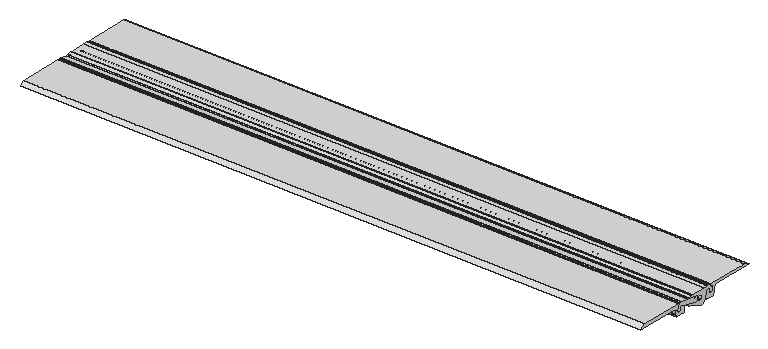
Revit family "Construction-Floors-Conecto-Aluminium Joints ALU AL.78.10", category Specialty Equipment, Revit 2015 (continued)
Definition of nested family "Standard"
  Automatic sketch dimensions
    Extrusion 18 sketch curve to Extrusion 18 sketch curve = 0.069 mm
    Extrusion 18 sketch curve to Extrusion 18 sketch curve = 0.189 mm
    Extrusion 18 sketch curve to Extrusion 18 sketch curve = 0.132 mm
    Extrusion 18 sketch curve to Extrusion 18 sketch curve = 0.433 mm
    Extrusion 18 sketch curve to Extrusion 18 sketch curve = 0.556 mm
    Extrusion 18 sketch curve to Extrusion 18 sketch curve = 0.586 mm
    Extrusion 18 sketch curve to Extrusion 18 sketch curve = 0.467 mm
    Extrusion 18 sketch curve to Extrusion 18 sketch curve = 0.54 mm
    Extrusion 18 sketch curve to Extrusion 18 sketch curve = 0.734 mm
    Extrusion 18 sketch curve to Extrusion 18 sketch curve = 0.731 mm
    Extrusion 18 sketch curve to Extrusion 18 sketch curve = 0.807 mm
    Extrusion 18 sketch curve to Extrusion 18 sketch curve = 0.833 mm
    Extrusion 18 sketch curve to Extrusion 18 sketch curve = 0.78 mm
    Extrusion 18 sketch curve to Extrusion 18 sketch curve = 0.732 mm
    Extrusion 18 sketch curve to Extrusion 18 sketch curve = 0.914 mm
    plane 5 to Extrusion 18 sketch curve = 0.641 mm
    plane 5 to Extrusion 18 sketch curve = 0.242 mm
    Extrusion 18 sketch curve to Extrusion 18 sketch curve = 0.531 mm
    Extrusion 18 sketch curve to Extrusion 18 sketch curve = 0.532 mm
    Extrusion 18 sketch curve to Extrusion 18 sketch curve = 0.709 mm
    Extrusion 18 sketch curve to Extrusion 18 sketch curve = 0.883 mm
    Extrusion 18 sketch curve to Extrusion 18 sketch curve = 0.643 mm
    Extrusion 18 sketch curve to Extrusion 18 sketch curve = 0.964 mm
    Extrusion 18 sketch curve to Extrusion 18 sketch curve = 0.834 mm
    Extrusion 18 sketch curve to Extrusion 18 sketch curve = 2.188 mm
    Extrusion 18 sketch curve to Extrusion 18 sketch curve = 0.784 mm
    Extrusion 18 sketch curve to Extrusion 18 sketch curve = 1.019 mm
    Extrusion 18 sketch curve to Extrusion 18 sketch curve = 0.89 mm
    Extrusion 18 sketch curve to Extrusion 18 sketch curve = 1.097 mm
    Extrusion 18 sketch curve to Extrusion 18 sketch curve = 0.938 mm
    Extrusion 18 sketch curve to Extrusion 18 sketch curve = 1.103 mm
    Extrusion 18 sketch curve to Extrusion 18 sketch curve = 0.798 mm
    Extrusion 18 sketch curve to Extrusion 18 sketch curve = 1.151 mm
    Extrusion 18 sketch curve to Extrusion 18 sketch curve = 0.621 mm
    Extrusion 18 sketch curve to Extrusion 18 sketch curve = 0.495 mm
    Extrusion 18 sketch curve to Extrusion 18 sketch curve = 0.64 mm
    Extrusion 18 sketch curve to Extrusion 18 sketch curve = 0.31 mm
    Extrusion 18 sketch curve to Extrusion 18 sketch curve = 0.281 mm
    Extrusion 18 sketch curve to Extrusion 18 sketch curve = 0.157 mm
    Extrusion 18 sketch curve to Extrusion 18 sketch curve = 0.166 mm
    Extrusion 18 sketch curve to Extrusion 18 sketch curve = 0.93 mm
    Extrusion 18 sketch curve to Extrusion 18 sketch curve = 1.828 mm
    Extrusion 18 sketch curve to Extrusion 18 sketch curve = 1.04 mm
    Extrusion 18 sketch curve to Extrusion 18 sketch curve = 0.911 mm
    Extrusion 18 sketch curve to Extrusion 18 sketch curve = 0.491 mm
    Extrusion 18 sketch curve to Extrusion 18 sketch curve = 1.053 mm
    Extrusion 18 sketch curve to Extrusion 18 sketch curve = 1.425 mm
    plane 5 to Extrusion 19 sketch curve = 74.364 mm
    Extrusion 19 sketch curve to Extrusion 19 sketch curve = 0.43 mm
    Extrusion 19 sketch curve to Extrusion 19 sketch curve = 2.098 mm
    Extrusion 19 sketch curve to Extrusion 19 sketch curve = 1.054 mm  (x2)
    plane 5 to Extrusion 19 sketch curve = 17.556 mm
    Extrusion 19 sketch curve to Extrusion 19 sketch curve = 0.775 mm
    Extrusion 19 sketch curve to Extrusion 19 sketch curve = 0.377 mm
    Extrusion 19 sketch curve to Extrusion 19 sketch curve = 2.284 mm
    Extrusion 19 sketch curve to Extrusion 19 sketch curve = 0.065 mm
    Extrusion 19 sketch curve to Extrusion 19 sketch curve = 0.485 mm
    Extrusion 19 sketch curve to Extrusion 19 sketch curve = 0.623 mm  (x2)
    Extrusion 19 sketch curve to Extrusion 19 sketch curve = 1.105 mm
    Extrusion 19 sketch curve to Extrusion 19 sketch curve = 1.02 mm
    Extrusion 19 sketch curve to Extrusion 19 sketch curve = 0.107 mm
    Extrusion 19 sketch curve to Extrusion 19 sketch curve = 0.272 mm
    Extrusion 19 sketch curve to Extrusion 19 sketch curve = 0.182 mm
    Extrusion 19 sketch curve to Extrusion 19 sketch curve = 0.098 mm
    Extrusion 19 sketch curve to Extrusion 19 sketch curve = 4.529 mm
    Extrusion 19 sketch curve to Extrusion 19 sketch curve = 0.102 mm
    Extrusion 19 sketch curve to Extrusion 19 sketch curve = 0.291 mm
    Extrusion 19 sketch curve to Extrusion 19 sketch curve = 0.591 mm
    Extrusion 19 sketch curve to Extrusion 19 sketch curve = 0.304 mm
    Extrusion 19 sketch curve to Extrusion 19 sketch curve = 0.332 mm
    Extrusion 19 sketch curve to Extrusion 19 sketch curve = 0.574 mm
    Extrusion 19 sketch curve to Extrusion 19 sketch curve = 0.589 mm
    Extrusion 19 sketch curve to Extrusion 19 sketch curve = 0.534 mm
    Extrusion 19 sketch curve to Extrusion 19 sketch curve = 0.778 mm
    Extrusion 19 sketch curve to Extrusion 19 sketch curve = 2.296 mm
    Extrusion 19 sketch curve to Extrusion 19 sketch curve = 1.352 mm
    Extrusion 19 sketch curve to Extrusion 19 sketch curve = 4.118 mm
    Extrusion 19 sketch curve to Extrusion 19 sketch curve = 0.069 mm
    Extrusion 19 sketch curve to Extrusion 19 sketch curve = 0.189 mm
    Extrusion 19 sketch curve to Extrusion 19 sketch curve = 0.132 mm
    Extrusion 19 sketch curve to Extrusion 19 sketch curve = 0.433 mm
    Extrusion 19 sketch curve to Extrusion 19 sketch curve = 1.397 mm
    Extrusion 19 sketch curve to Extrusion 19 sketch curve = 0.556 mm
    Extrusion 19 sketch curve to Extrusion 19 sketch curve = 0.586 mm
    Extrusion 19 sketch curve to Extrusion 19 sketch curve = 0.467 mm
    Extrusion 19 sketch curve to Extrusion 19 sketch curve = 0.54 mm
    Extrusion 19 sketch curve to Extrusion 19 sketch curve = 4.097 mm
    Extrusion 19 sketch curve to Extrusion 19 sketch curve = 0.116 mm
    Extrusion 19 sketch curve to Extrusion 19 sketch curve = 1.064 mm
    Extrusion 19 sketch curve to Extrusion 19 sketch curve = 0.693 mm
    Extrusion 19 sketch curve to Extrusion 19 sketch curve = 0.734 mm  (x2)
    Extrusion 19 sketch curve to Extrusion 19 sketch curve = 0.249 mm
    Extrusion 19 sketch curve to Extrusion 19 sketch curve = 0.731 mm
    Extrusion 19 sketch curve to Extrusion 19 sketch curve = 0.807 mm
    Extrusion 19 sketch curve to Extrusion 19 sketch curve = 0.833 mm
    Extrusion 19 sketch curve to Extrusion 19 sketch curve = 0.78 mm
    Extrusion 19 sketch curve to Extrusion 19 sketch curve = 0.732 mm
    Extrusion 19 sketch curve to Extrusion 19 sketch curve = 0.914 mm
    plane 5 to Extrusion 19 sketch curve = 0.621 mm
    plane 5 to Extrusion 19 sketch curve = 0.222 mm
    Extrusion 19 sketch curve to Extrusion 19 sketch curve = 0.006 mm
    Extrusion 19 sketch curve to Extrusion 19 sketch curve = 0.829 mm
    Extrusion 19 sketch curve to Extrusion 19 sketch curve = 0.931 mm
    Extrusion 19 sketch curve to Extrusion 19 sketch curve = 0.856 mm
    Extrusion 19 sketch curve to Extrusion 19 sketch curve = 0.688 mm
    Extrusion 19 sketch curve to Extrusion 19 sketch curve = 1.414 mm
    Extrusion 19 sketch curve to Extrusion 19 sketch curve = 0.532 mm
    Extrusion 19 sketch curve to Extrusion 19 sketch curve = 0.883 mm
    Extrusion 19 sketch curve to Extrusion 19 sketch curve = 0.643 mm
    Extrusion 19 sketch curve to Extrusion 19 sketch curve = 0.964 mm
    Extrusion 19 sketch curve to Extrusion 19 sketch curve = 0.834 mm
    Extrusion 19 sketch curve to Extrusion 19 sketch curve = 2.188 mm
    Extrusion 19 sketch curve to Extrusion 19 sketch curve = 0.784 mm
    Extrusion 19 sketch curve to Extrusion 19 sketch curve = 1.019 mm
    Extrusion 19 sketch curve to Extrusion 19 sketch curve = 0.89 mm
    Extrusion 19 sketch curve to Extrusion 19 sketch curve = 1.097 mm
    Extrusion 19 sketch curve to Extrusion 19 sketch curve = 0.938 mm
    Extrusion 19 sketch curve to Extrusion 19 sketch curve = 1.103 mm
    Extrusion 19 sketch curve to Extrusion 19 sketch curve = 0.798 mm
    Extrusion 19 sketch curve to Extrusion 19 sketch curve = 1.151 mm
    Extrusion 19 sketch curve to Extrusion 19 sketch curve = 0.621 mm
    Extrusion 19 sketch curve to Extrusion 19 sketch curve = 0.495 mm
    Extrusion 19 sketch curve to Extrusion 19 sketch curve = 0.64 mm
    Extrusion 19 sketch curve to Extrusion 19 sketch curve = 0.31 mm
    Extrusion 19 sketch curve to Extrusion 19 sketch curve = 0.281 mm
    Extrusion 19 sketch curve to Extrusion 19 sketch curve = 0.157 mm
    Extrusion 19 sketch curve to Extrusion 19 sketch curve = 0.166 mm
    Extrusion 19 sketch curve to Extrusion 19 sketch curve = 0.93 mm
    Extrusion 19 sketch curve to Extrusion 19 sketch curve = 1.828 mm
    Extrusion 19 sketch curve to Extrusion 19 sketch curve = 1.04 mm
    Extrusion 19 sketch curve to Extrusion 19 sketch curve = 0.911 mm
    Extrusion 19 sketch curve to Extrusion 19 sketch curve = 0.491 mm
    Extrusion 19 sketch curve to Extrusion 19 sketch curve = 1.053 mm
    Extrusion 19 sketch curve to Extrusion 19 sketch curve = 2.626 mm
    plane 5 to Extrusion 20 sketch curve = 74.226 mm
    Extrusion 20 sketch curve to Extrusion 20 sketch curve = 0.749 mm
    Extrusion 20 sketch curve to Extrusion 20 sketch curve = 1.78 mm
    Extrusion 20 sketch curve to Extrusion 20 sketch curve = 1.537 mm
    Extrusion 20 sketch curve to Extrusion 20 sketch curve = 1.854 mm
    plane 5 to Extrusion 20 sketch curve = 16.416 mm
    Extrusion 20 sketch curve to Extrusion 20 sketch curve = 0.43 mm
    Extrusion 20 sketch curve to Extrusion 20 sketch curve = 2.284 mm
    Extrusion 20 sketch curve to Extrusion 20 sketch curve = 0.065 mm
    Extrusion 20 sketch curve to Extrusion 20 sketch curve = 0.485 mm
    Extrusion 20 sketch curve to Extrusion 20 sketch curve = 0.623 mm  (x2)
    Extrusion 20 sketch curve to Extrusion 20 sketch curve = 3.012 mm
    Extrusion 20 sketch curve to Extrusion 20 sketch curve = 3.271 mm
    Extrusion 20 sketch curve to Extrusion 20 sketch curve = 1.105 mm
    Extrusion 20 sketch curve to Extrusion 20 sketch curve = 1.02 mm
    Extrusion 20 sketch curve to Extrusion 20 sketch curve = 0.107 mm
    Extrusion 20 sketch curve to Extrusion 20 sketch curve = 0.272 mm
    Extrusion 20 sketch curve to Extrusion 20 sketch curve = 0.182 mm
    Extrusion 20 sketch curve to Extrusion 20 sketch curve = 0.098 mm
    Extrusion 20 sketch curve to Extrusion 20 sketch curve = 0.803 mm
    Extrusion 20 sketch curve to Extrusion 20 sketch curve = 1.154 mm
    Extrusion 20 sketch curve to Extrusion 20 sketch curve = 0.591 mm  (x2)
    Extrusion 20 sketch curve to Extrusion 20 sketch curve = 1.054 mm
    Extrusion 20 sketch curve to Extrusion 20 sketch curve = 0.626 mm
    Extrusion 20 sketch curve to Extrusion 20 sketch curve = 0.332 mm
    Extrusion 20 sketch curve to Extrusion 20 sketch curve = 0.589 mm
    Extrusion 20 sketch curve to Extrusion 20 sketch curve = 0.908 mm
    Extrusion 20 sketch curve to Extrusion 20 sketch curve = 2.519 mm
    Extrusion 20 sketch curve to Extrusion 20 sketch curve = 2.296 mm
    Extrusion 20 sketch curve to Extrusion 20 sketch curve = 1.233 mm
    Extrusion 20 sketch curve to Extrusion 20 sketch curve = 4.118 mm
    Extrusion 20 sketch curve to Extrusion 20 sketch curve = 0.069 mm
    Extrusion 20 sketch curve to Extrusion 20 sketch curve = 0.189 mm
    Extrusion 20 sketch curve to Extrusion 20 sketch curve = 0.132 mm
    Extrusion 20 sketch curve to Extrusion 20 sketch curve = 1.181 mm
    Extrusion 20 sketch curve to Extrusion 20 sketch curve = 0.433 mm
    Extrusion 20 sketch curve to Extrusion 20 sketch curve = 0.556 mm
    Extrusion 20 sketch curve to Extrusion 20 sketch curve = 0.586 mm
    Extrusion 20 sketch curve to Extrusion 20 sketch curve = 2.086 mm
    Extrusion 20 sketch curve to Extrusion 20 sketch curve = 0.54 mm
    Extrusion 20 sketch curve to Extrusion 20 sketch curve = 1.13 mm
    Extrusion 20 sketch curve to Extrusion 20 sketch curve = 0.926 mm
    Extrusion 20 sketch curve to Extrusion 20 sketch curve = 0.734 mm
    Extrusion 20 sketch curve to Extrusion 20 sketch curve = 0.939 mm  (x2)
    Extrusion 20 sketch curve to Extrusion 20 sketch curve = 0.654 mm
    Extrusion 20 sketch curve to Extrusion 20 sketch curve = 0.731 mm
    Extrusion 20 sketch curve to Extrusion 20 sketch curve = 0.456 mm
    Extrusion 20 sketch curve to Extrusion 20 sketch curve = 0.807 mm
    Extrusion 20 sketch curve to Extrusion 20 sketch curve = 0.833 mm
    Extrusion 20 sketch curve to Extrusion 20 sketch curve = 0.78 mm
    Extrusion 20 sketch curve to Extrusion 20 sketch curve = 0.732 mm
    Extrusion 20 sketch curve to Extrusion 20 sketch curve = 0.914 mm
    plane 5 to Extrusion 20 sketch curve = 0.633 mm
    plane 5 to Extrusion 20 sketch curve = 0.234 mm
    Extrusion 20 sketch curve to Extrusion 20 sketch curve = 12.646 mm
    Extrusion 20 sketch curve to Extrusion 20 sketch curve = 1.028 mm
    Extrusion 20 sketch curve to Extrusion 20 sketch curve = 0.44 mm
    Extrusion 20 sketch curve to Extrusion 20 sketch curve = 0.145 mm
    Extrusion 20 sketch curve to Extrusion 20 sketch curve = 0.151 mm
    Extrusion 20 sketch curve to Extrusion 20 sketch curve = 0.462 mm
    Extrusion 20 sketch curve to Extrusion 20 sketch curve = 0.576 mm
    Extrusion 20 sketch curve to Extrusion 20 sketch curve = 0.472 mm
    Extrusion 20 sketch curve to Extrusion 20 sketch curve = 1.607 mm
    Extrusion 20 sketch curve to Extrusion 20 sketch curve = 1.617 mm
    Extrusion 20 sketch curve to Extrusion 20 sketch curve = 1.074 mm
    Extrusion 20 sketch curve to Extrusion 20 sketch curve = 0.934 mm
    Extrusion 20 sketch curve to Extrusion 20 sketch curve = 0.532 mm
    Extrusion 20 sketch curve to Extrusion 20 sketch curve = 0.883 mm
    Extrusion 20 sketch curve to Extrusion 20 sketch curve = 0.643 mm
    Extrusion 20 sketch curve to Extrusion 20 sketch curve = 0.161 mm
    Extrusion 20 sketch curve to Extrusion 20 sketch curve = 0.964 mm
    Extrusion 20 sketch curve to Extrusion 20 sketch curve = 0.834 mm
    Extrusion 20 sketch curve to Extrusion 20 sketch curve = 2.188 mm
    Extrusion 20 sketch curve to Extrusion 20 sketch curve = 0.784 mm
    Extrusion 20 sketch curve to Extrusion 20 sketch curve = 1.019 mm
    Extrusion 20 sketch curve to Extrusion 20 sketch curve = 0.89 mm
    Extrusion 20 sketch curve to Extrusion 20 sketch curve = 1.097 mm
    Extrusion 20 sketch curve to Extrusion 20 sketch curve = 0.938 mm
    Extrusion 20 sketch curve to Extrusion 20 sketch curve = 1.103 mm
    Extrusion 20 sketch curve to Extrusion 20 sketch curve = 0.798 mm
    Extrusion 20 sketch curve to Extrusion 20 sketch curve = 1.151 mm
    Extrusion 20 sketch curve to Extrusion 20 sketch curve = 0.621 mm
    Extrusion 20 sketch curve to Extrusion 20 sketch curve = 0.495 mm
    Extrusion 20 sketch curve to Extrusion 20 sketch curve = 0.64 mm
    Extrusion 20 sketch curve to Extrusion 20 sketch curve = 0.31 mm
    Extrusion 20 sketch curve to Extrusion 20 sketch curve = 0.281 mm
    Extrusion 20 sketch curve to Extrusion 20 sketch curve = 0.157 mm
    Extrusion 20 sketch curve to Extrusion 20 sketch curve = 0.166 mm
    Extrusion 20 sketch curve to Extrusion 20 sketch curve = 0.93 mm
    Extrusion 20 sketch curve to Extrusion 20 sketch curve = 1.828 mm
    Extrusion 20 sketch curve to Extrusion 20 sketch curve = 1.04 mm
    Extrusion 20 sketch curve to Extrusion 20 sketch curve = 0.911 mm
    Extrusion 20 sketch curve to Extrusion 20 sketch curve = 0.491 mm
    Extrusion 20 sketch curve to Extrusion 20 sketch curve = 1.053 mm
    Extrusion 20 sketch curve to Extrusion 20 sketch curve = 2.626 mm
    plane 6 to Extrusion 21 sketch curve = 76.237 mm
    Extrusion 21 sketch curve to Extrusion 21 sketch curve = 0.134 mm
    Extrusion 21 sketch curve to Extrusion 21 sketch curve = 0.685 mm  (x2)
    Extrusion 21 sketch curve to Extrusion 21 sketch curve = 0.826 mm
    Extrusion 21 sketch curve to Extrusion 21 sketch curve = 1.425 mm
    Extrusion 21 sketch curve to Extrusion 21 sketch curve = 2.078 mm
    plane 6 to Extrusion 21 sketch curve = 16.425 mm
    Extrusion 21 sketch curve to Extrusion 21 sketch curve = 0.009 mm
    Extrusion 21 sketch curve to Extrusion 21 sketch curve = 0.041 mm
    Extrusion 21 sketch curve to Extrusion 21 sketch curve = 0.911 mm  (x2)
    Extrusion 21 sketch curve to Extrusion 21 sketch curve = 2.3 mm
    Extrusion 21 sketch curve to Extrusion 21 sketch curve = 2.339 mm
    Extrusion 21 sketch curve to Extrusion 21 sketch curve = 0.027 mm
    Extrusion 21 sketch curve to Extrusion 21 sketch curve = 0.499 mm
    Extrusion 21 sketch curve to Extrusion 21 sketch curve = 0.837 mm
    Extrusion 21 sketch curve to Extrusion 21 sketch curve = 0.786 mm  (x2)
    Extrusion 21 sketch curve to Extrusion 21 sketch curve = 0.774 mm  (x2)
    Extrusion 21 sketch curve to Extrusion 21 sketch curve = 0.425 mm
    Extrusion 21 sketch curve to Extrusion 21 sketch curve = 0.097 mm
    Extrusion 21 sketch curve to Extrusion 21 sketch curve = 0.246 mm
    Extrusion 21 sketch curve to Extrusion 21 sketch curve = 0.831 mm
    Extrusion 21 sketch curve to Extrusion 21 sketch curve = 0.349 mm
    Extrusion 21 sketch curve to Extrusion 21 sketch curve = 0.778 mm
    Extrusion 21 sketch curve to Extrusion 21 sketch curve = 0.491 mm  (x2)
    plane 6 to Extrusion 21 sketch curve = 11.198 mm
    Extrusion 21 sketch curve to Extrusion 21 sketch curve = 0.697 mm
    Extrusion 21 sketch curve to Extrusion 21 sketch curve = 3.355 mm
    Extrusion 21 sketch curve to Extrusion 21 sketch curve = 0.719 mm
    Extrusion 21 sketch curve to Extrusion 21 sketch curve = 0.595 mm
    Extrusion 21 sketch curve to Extrusion 21 sketch curve = 0.672 mm
    Extrusion 21 sketch curve to Extrusion 21 sketch curve = 0.908 mm
    Extrusion 21 sketch curve to Extrusion 21 sketch curve = 0.74 mm
    Extrusion 21 sketch curve to Extrusion 21 sketch curve = 0.885 mm  (x2)
    Extrusion 21 sketch curve to Extrusion 21 sketch curve = 0.607 mm
    Extrusion 21 sketch curve to Extrusion 21 sketch curve = 0.827 mm
    Extrusion 21 sketch curve to Extrusion 21 sketch curve = 2.153 mm
    Extrusion 21 sketch curve to Extrusion 21 sketch curve = 0.459 mm
    Extrusion 21 sketch curve to Extrusion 21 sketch curve = 0.775 mm
    Extrusion 21 sketch curve to Extrusion 21 sketch curve = 0.787 mm
    Extrusion 21 sketch curve to Extrusion 21 sketch curve = 4.161 mm
    Extrusion 21 sketch curve to Extrusion 21 sketch curve = 0.155 mm
    Extrusion 21 sketch curve to Extrusion 21 sketch curve = 2.645 mm
    Extrusion 21 sketch curve to Extrusion 21 sketch curve = 0.258 mm
    Extrusion 21 sketch curve to Extrusion 21 sketch curve = 0.789 mm
    Extrusion 21 sketch curve to Extrusion 21 sketch curve = 0.379 mm
    Extrusion 21 sketch curve to Extrusion 21 sketch curve = 0.889 mm
    Extrusion 21 sketch curve to Extrusion 21 sketch curve = 0.488 mm
    Extrusion 21 sketch curve to Extrusion 21 sketch curve = 1.704 mm
    Extrusion 21 sketch curve to Extrusion 21 sketch curve = 0.741 mm
    Extrusion 21 sketch curve to Extrusion 21 sketch curve = 0.656 mm  (x2)
    Extrusion 21 sketch curve to Extrusion 21 sketch curve = 0.298 mm
    Extrusion 21 sketch curve to Extrusion 21 sketch curve = 0.771 mm
    Extrusion 21 sketch curve to Extrusion 21 sketch curve = 0.877 mm
    Extrusion 21 sketch curve to Extrusion 21 sketch curve = 0.492 mm
    Extrusion 21 sketch curve to Extrusion 21 sketch curve = 0.714 mm
    Extrusion 21 sketch curve to Extrusion 21 sketch curve = 0.418 mm
    Extrusion 21 sketch curve to Extrusion 21 sketch curve = 0.776 mm
    Extrusion 21 sketch curve to Extrusion 21 sketch curve = 0.629 mm
    Extrusion 21 sketch curve to Extrusion 21 sketch curve = 0.721 mm
    Extrusion 21 sketch curve to Extrusion 21 sketch curve = 0.523 mm
    Extrusion 21 sketch curve to Extrusion 21 sketch curve = 0.922 mm
    Extrusion 21 sketch curve to Extrusion 21 sketch curve = 0.347 mm
    Extrusion 21 sketch curve to Extrusion 21 sketch curve = 0.484 mm
    Extrusion 21 sketch curve to Extrusion 21 sketch curve = 0.085 mm
    Extrusion 21 sketch curve to Extrusion 21 sketch curve = 0.931 mm
    Extrusion 21 sketch curve to Extrusion 21 sketch curve = 0.833 mm
    plane 6 to Extrusion 21 sketch curve = 2.025 mm  (x2)
    Extrusion 21 sketch curve to Extrusion 21 sketch curve = 0.81 mm
    plane 6 to Extrusion 21 sketch curve = 0.891 mm  (x2)
    plane 6 to Extrusion 21 sketch curve = 0.11 mm
    Extrusion 21 sketch curve to Extrusion 21 sketch curve = 0.601 mm
    Extrusion 21 sketch curve to Extrusion 21 sketch curve = 0.78 mm
    Extrusion 21 sketch curve to Extrusion 21 sketch curve = 0.804 mm
    Extrusion 21 sketch curve to Extrusion 21 sketch curve = 0.811 mm
    Extrusion 21 sketch curve to Extrusion 21 sketch curve = 2.532 mm
    Extrusion 21 sketch curve to Extrusion 21 sketch curve = 0.993 mm
    Extrusion 21 sketch curve to Extrusion 21 sketch curve = 0.391 mm
    Extrusion 21 sketch curve to Extrusion 21 sketch curve = 0.063 mm
    Extrusion 21 sketch curve to Extrusion 21 sketch curve = 0.673 mm
    Extrusion 21 sketch curve to Extrusion 21 sketch curve = 0.38 mm
    Extrusion 21 sketch curve to Extrusion 21 sketch curve = 0.252 mm
    Extrusion 21 sketch curve to Extrusion 21 sketch curve = 0.151 mm
    Extrusion 21 sketch curve to Extrusion 21 sketch curve = 3.295 mm  (x2)
    Extrusion 21 sketch curve to Extrusion 21 sketch curve = 2.553 mm
    Extrusion 21 sketch curve to Extrusion 21 sketch curve = 0.406 mm
    Extrusion 21 sketch curve to Extrusion 21 sketch curve = 3.77 mm
    Extrusion 21 sketch curve to Extrusion 21 sketch curve = 0.794 mm
    Extrusion 21 sketch curve to Extrusion 21 sketch curve = 63.318 mm
    Extrusion 21 sketch curve to Extrusion 21 sketch curve = 1.56 mm
    Extrusion 21 sketch curve to Extrusion 21 sketch curve = 0.918 mm
    Extrusion 21 sketch curve to Extrusion 21 sketch curve = 0.284 mm
    Extrusion 21 sketch curve to Extrusion 21 sketch curve = 0.587 mm
    Extrusion 21 sketch curve to Extrusion 21 sketch curve = 1.2 mm
    Extrusion 21 sketch curve to Extrusion 21 sketch curve = 1.911 mm
    Extrusion 21 sketch curve to Extrusion 21 sketch curve = 0.578 mm
    Extrusion 21 sketch curve to Extrusion 21 sketch curve = 4.832 mm
    Extrusion 21 sketch curve to Extrusion 21 sketch curve = 0.912 mm
    Extrusion 21 sketch curve to Extrusion 21 sketch curve = 0.917 mm
    Extrusion 21 sketch curve to Extrusion 21 sketch curve = 2.428 mm
    Extrusion 21 sketch curve to Extrusion 21 sketch curve = 0.795 mm
    Extrusion 21 sketch curve to Extrusion 21 sketch curve = 0.87 mm
    Extrusion 21 sketch curve to Extrusion 21 sketch curve = 2.001 mm
    Extrusion 21 sketch curve to Extrusion 21 sketch curve = 1.1 mm
    Extrusion 21 sketch curve to Extrusion 21 sketch curve = 1.105 mm
    Extrusion 21 sketch curve to Extrusion 21 sketch curve = 1.16 mm
    Extrusion 21 sketch curve to Extrusion 21 sketch curve = 0.798 mm
    Extrusion 21 sketch curve to Extrusion 21 sketch curve = 0.812 mm
    Extrusion 21 sketch curve to Extrusion 21 sketch curve = 1.3 mm
    Extrusion 21 sketch curve to Extrusion 21 sketch curve = 1.589 mm
    Extrusion 21 sketch curve to Extrusion 21 sketch curve = 0.729 mm
    Extrusion 21 sketch curve to Extrusion 21 sketch curve = 0.181 mm
    Extrusion 21 sketch curve to Extrusion 21 sketch curve = 0.71 mm
    Extrusion 21 sketch curve to Extrusion 21 sketch curve = 0.699 mm
    Extrusion 21 sketch curve to Extrusion 21 sketch curve = 0.638 mm
    Extrusion 21 sketch curve to Extrusion 21 sketch curve = 0.506 mm
    Extrusion 21 sketch curve to Extrusion 21 sketch curve = 0.373 mm
    Extrusion 21 sketch curve to Extrusion 21 sketch curve = 0.208 mm
    Extrusion 21 sketch curve to Extrusion 21 sketch curve = 0.144 mm
    Extrusion 21 sketch curve to Extrusion 21 sketch curve = 1.895 mm
    Extrusion 21 sketch curve to Extrusion 21 sketch curve = 0.735 mm
    Extrusion 21 sketch curve to Extrusion 21 sketch curve = 1.073 mm  (x2)
    Extrusion 21 sketch curve to Extrusion 21 sketch curve = 0.031 mm
    Extrusion 21 sketch curve to Extrusion 21 sketch curve = 0.237 mm
    Extrusion 21 sketch curve to Extrusion 21 sketch curve = 0.765 mm
    Extrusion 21 sketch curve to Extrusion 21 sketch curve = 2.288 mm
    plane 6 to Extrusion 22 sketch curve = 76.237 mm
    Extrusion 22 sketch curve to Extrusion 22 sketch curve = 0.134 mm
    Extrusion 22 sketch curve to Extrusion 22 sketch curve = 0.685 mm  (x2)
    Extrusion 22 sketch curve to Extrusion 22 sketch curve = 0.826 mm
    Extrusion 22 sketch curve to Extrusion 22 sketch curve = 1.425 mm
    Extrusion 22 sketch curve to Extrusion 22 sketch curve = 2.071 mm
    plane 6 to Extrusion 22 sketch curve = 16.425 mm
    Extrusion 22 sketch curve to Extrusion 22 sketch curve = 0.009 mm
    Extrusion 22 sketch curve to Extrusion 22 sketch curve = 0.041 mm
    Extrusion 22 sketch curve to Extrusion 22 sketch curve = 0.911 mm  (x2)
    Extrusion 22 sketch curve to Extrusion 22 sketch curve = 2.3 mm
    Extrusion 22 sketch curve to Extrusion 22 sketch curve = 2.339 mm
    Extrusion 22 sketch curve to Extrusion 22 sketch curve = 0.027 mm
    Extrusion 22 sketch curve to Extrusion 22 sketch curve = 0.499 mm
    Extrusion 22 sketch curve to Extrusion 22 sketch curve = 0.837 mm
    Extrusion 22 sketch curve to Extrusion 22 sketch curve = 0.786 mm  (x2)
    Extrusion 22 sketch curve to Extrusion 22 sketch curve = 0.774 mm  (x2)
    Extrusion 22 sketch curve to Extrusion 22 sketch curve = 0.425 mm
    Extrusion 22 sketch curve to Extrusion 22 sketch curve = 0.097 mm
    Extrusion 22 sketch curve to Extrusion 22 sketch curve = 0.246 mm
    Extrusion 22 sketch curve to Extrusion 22 sketch curve = 0.831 mm
    Extrusion 22 sketch curve to Extrusion 22 sketch curve = 0.349 mm
    Extrusion 22 sketch curve to Extrusion 22 sketch curve = 0.778 mm
    Extrusion 22 sketch curve to Extrusion 22 sketch curve = 0.491 mm  (x2)
    Extrusion 22 sketch curve to Extrusion 22 sketch curve = 0.697 mm
    Extrusion 22 sketch curve to Extrusion 22 sketch curve = 3.355 mm
    Extrusion 22 sketch curve to Extrusion 22 sketch curve = 0.719 mm
    Extrusion 22 sketch curve to Extrusion 22 sketch curve = 0.595 mm
    Extrusion 22 sketch curve to Extrusion 22 sketch curve = 0.672 mm
    Extrusion 22 sketch curve to Extrusion 22 sketch curve = 0.908 mm
    Extrusion 22 sketch curve to Extrusion 22 sketch curve = 0.74 mm
    Extrusion 22 sketch curve to Extrusion 22 sketch curve = 0.885 mm  (x2)
    Extrusion 22 sketch curve to Extrusion 22 sketch curve = 0.607 mm
    Extrusion 22 sketch curve to Extrusion 22 sketch curve = 0.827 mm
    Extrusion 22 sketch curve to Extrusion 22 sketch curve = 0.459 mm
    plane 6 to Extrusion 22 sketch curve = 8.705 mm
    Extrusion 22 sketch curve to Extrusion 22 sketch curve = 0.775 mm
    Extrusion 22 sketch curve to Extrusion 22 sketch curve = 0.787 mm
    Extrusion 22 sketch curve to Extrusion 22 sketch curve = 4.161 mm
    Extrusion 22 sketch curve to Extrusion 22 sketch curve = 0.155 mm
    Extrusion 22 sketch curve to Extrusion 22 sketch curve = 2.645 mm
    Extrusion 22 sketch curve to Extrusion 22 sketch curve = 0.258 mm
    Extrusion 22 sketch curve to Extrusion 22 sketch curve = 0.789 mm
    Extrusion 22 sketch curve to Extrusion 22 sketch curve = 0.379 mm
    Extrusion 22 sketch curve to Extrusion 22 sketch curve = 0.889 mm
    Extrusion 22 sketch curve to Extrusion 22 sketch curve = 0.488 mm
    Extrusion 22 sketch curve to Extrusion 22 sketch curve = 0.741 mm
    Extrusion 22 sketch curve to Extrusion 22 sketch curve = 0.656 mm  (x2)
    Extrusion 22 sketch curve to Extrusion 22 sketch curve = 0.298 mm
    Extrusion 22 sketch curve to Extrusion 22 sketch curve = 2.115 mm
    Extrusion 22 sketch curve to Extrusion 22 sketch curve = 0.877 mm
    Extrusion 22 sketch curve to Extrusion 22 sketch curve = 0.492 mm
    Extrusion 22 sketch curve to Extrusion 22 sketch curve = 0.714 mm
    Extrusion 22 sketch curve to Extrusion 22 sketch curve = 0.273 mm
    Extrusion 22 sketch curve to Extrusion 22 sketch curve = 0.776 mm
    Extrusion 22 sketch curve to Extrusion 22 sketch curve = 0.629 mm
    Extrusion 22 sketch curve to Extrusion 22 sketch curve = 0.721 mm
    Extrusion 22 sketch curve to Extrusion 22 sketch curve = 0.523 mm
    Extrusion 22 sketch curve to Extrusion 22 sketch curve = 0.922 mm
    Extrusion 22 sketch curve to Extrusion 22 sketch curve = 0.347 mm
    Extrusion 22 sketch curve to Extrusion 22 sketch curve = 0.484 mm
    Extrusion 22 sketch curve to Extrusion 22 sketch curve = 0.085 mm
    Extrusion 22 sketch curve to Extrusion 22 sketch curve = 0.931 mm
    Extrusion 22 sketch curve to Extrusion 22 sketch curve = 0.833 mm
    plane 6 to Extrusion 22 sketch curve = 2.025 mm  (x2)
    Extrusion 22 sketch curve to Extrusion 22 sketch curve = 0.81 mm
    plane 6 to Extrusion 22 sketch curve = 0.891 mm  (x2)
    plane 6 to Extrusion 22 sketch curve = 0.11 mm
    Extrusion 22 sketch curve to Extrusion 22 sketch curve = 0.218 mm
    Extrusion 22 sketch curve to Extrusion 22 sketch curve = 0.428 mm
    Extrusion 22 sketch curve to Extrusion 22 sketch curve = 0.38 mm
    Extrusion 22 sketch curve to Extrusion 22 sketch curve = 0.252 mm
    Extrusion 22 sketch curve to Extrusion 22 sketch curve = 0.151 mm
    Extrusion 22 sketch curve to Extrusion 22 sketch curve = 1.986 mm
    Extrusion 22 sketch curve to Extrusion 22 sketch curve = 2.553 mm
    Extrusion 22 sketch curve to Extrusion 22 sketch curve = 0.406 mm
    Extrusion 22 sketch curve to Extrusion 22 sketch curve = 3.77 mm
    Extrusion 22 sketch curve to Extrusion 22 sketch curve = 0.794 mm
    Extrusion 22 sketch curve to Extrusion 22 sketch curve = 53.088 mm
    Extrusion 22 sketch curve to Extrusion 22 sketch curve = 1.637 mm
    Extrusion 22 sketch curve to Extrusion 22 sketch curve = 1.221 mm
    Extrusion 22 sketch curve to Extrusion 22 sketch curve = 1.196 mm
    Extrusion 22 sketch curve to Extrusion 22 sketch curve = 1.911 mm
    Extrusion 22 sketch curve to Extrusion 22 sketch curve = 0.578 mm
    Extrusion 22 sketch curve to Extrusion 22 sketch curve = 0.175 mm
    Extrusion 22 sketch curve to Extrusion 22 sketch curve = 0.673 mm
    Extrusion 22 sketch curve to Extrusion 22 sketch curve = 3.295 mm  (x2)
    Extrusion 22 sketch curve to Extrusion 22 sketch curve = 0.993 mm
    Extrusion 22 sketch curve to Extrusion 22 sketch curve = 0.811 mm
    Extrusion 22 sketch curve to Extrusion 22 sketch curve = 0.804 mm
    Extrusion 22 sketch curve to Extrusion 22 sketch curve = 2.532 mm
    Extrusion 22 sketch curve to Extrusion 22 sketch curve = 0.601 mm
    Extrusion 22 sketch curve to Extrusion 22 sketch curve = 0.912 mm
    Extrusion 22 sketch curve to Extrusion 22 sketch curve = 0.917 mm
    Extrusion 22 sketch curve to Extrusion 22 sketch curve = 2.428 mm
    Extrusion 22 sketch curve to Extrusion 22 sketch curve = 0.795 mm
    Extrusion 22 sketch curve to Extrusion 22 sketch curve = 0.87 mm
    Extrusion 22 sketch curve to Extrusion 22 sketch curve = 2.001 mm
    Extrusion 22 sketch curve to Extrusion 22 sketch curve = 1.1 mm
    Extrusion 22 sketch curve to Extrusion 22 sketch curve = 1.105 mm
    Extrusion 22 sketch curve to Extrusion 22 sketch curve = 1.16 mm
    Extrusion 22 sketch curve to Extrusion 22 sketch curve = 0.798 mm
    Extrusion 22 sketch curve to Extrusion 22 sketch curve = 0.812 mm
    Extrusion 22 sketch curve to Extrusion 22 sketch curve = 1.3 mm
    Extrusion 22 sketch curve to Extrusion 22 sketch curve = 1.589 mm
    Extrusion 22 sketch curve to Extrusion 22 sketch curve = 0.729 mm
    Extrusion 22 sketch curve to Extrusion 22 sketch curve = 0.181 mm
    Extrusion 22 sketch curve to Extrusion 22 sketch curve = 0.71 mm
    Extrusion 22 sketch curve to Extrusion 22 sketch curve = 0.699 mm
    Extrusion 22 sketch curve to Extrusion 22 sketch curve = 0.638 mm
    Extrusion 22 sketch curve to Extrusion 22 sketch curve = 0.506 mm
    Extrusion 22 sketch curve to Extrusion 22 sketch curve = 0.373 mm
    Extrusion 22 sketch curve to Extrusion 22 sketch curve = 0.208 mm
    Extrusion 22 sketch curve to Extrusion 22 sketch curve = 0.144 mm
    Extrusion 22 sketch curve to Extrusion 22 sketch curve = 1.895 mm
    Extrusion 22 sketch curve to Extrusion 22 sketch curve = 0.735 mm
    Extrusion 22 sketch curve to Extrusion 22 sketch curve = 1.073 mm  (x2)
    Extrusion 22 sketch curve to Extrusion 22 sketch curve = 0.031 mm
    Extrusion 22 sketch curve to Extrusion 22 sketch curve = 0.237 mm
    Extrusion 22 sketch curve to Extrusion 22 sketch curve = 0.765 mm
    Extrusion 22 sketch curve to Extrusion 22 sketch curve = 1.007 mm
    plane 6 to Extrusion 23 sketch curve = 76.337 mm
    Extrusion 23 sketch curve to Extrusion 23 sketch curve = 0.134 mm
    Extrusion 23 sketch curve to Extrusion 23 sketch curve = 0.685 mm  (x2)
    Extrusion 23 sketch curve to Extrusion 23 sketch curve = 0.826 mm
    Extrusion 23 sketch curve to Extrusion 23 sketch curve = 1.425 mm
    Extrusion 23 sketch curve to Extrusion 23 sketch curve = 2.203 mm
    plane 6 to Extrusion 23 sketch curve = 16.425 mm
    Extrusion 23 sketch curve to Extrusion 23 sketch curve = 0.009 mm
    Extrusion 23 sketch curve to Extrusion 23 sketch curve = 0.032 mm
    Extrusion 23 sketch curve to Extrusion 23 sketch curve = 0.911 mm  (x2)
    Extrusion 23 sketch curve to Extrusion 23 sketch curve = 2.3 mm
    Extrusion 23 sketch curve to Extrusion 23 sketch curve = 2.339 mm
    Extrusion 23 sketch curve to Extrusion 23 sketch curve = 0.027 mm
    Extrusion 23 sketch curve to Extrusion 23 sketch curve = 0.499 mm
    Extrusion 23 sketch curve to Extrusion 23 sketch curve = 0.837 mm
    Extrusion 23 sketch curve to Extrusion 23 sketch curve = 0.786 mm  (x2)
    Extrusion 23 sketch curve to Extrusion 23 sketch curve = 0.774 mm  (x2)
    Extrusion 23 sketch curve to Extrusion 23 sketch curve = 0.425 mm
    Extrusion 23 sketch curve to Extrusion 23 sketch curve = 0.097 mm
    Extrusion 23 sketch curve to Extrusion 23 sketch curve = 0.246 mm
    Extrusion 23 sketch curve to Extrusion 23 sketch curve = 0.831 mm
    Extrusion 23 sketch curve to Extrusion 23 sketch curve = 0.349 mm
    Extrusion 23 sketch curve to Extrusion 23 sketch curve = 0.778 mm
    Extrusion 23 sketch curve to Extrusion 23 sketch curve = 0.491 mm  (x2)
    plane 6 to Extrusion 23 sketch curve = 11.216 mm
    Extrusion 23 sketch curve to Extrusion 23 sketch curve = 0.697 mm
    Extrusion 23 sketch curve to Extrusion 23 sketch curve = 3.355 mm
    Extrusion 23 sketch curve to Extrusion 23 sketch curve = 0.719 mm
    Extrusion 23 sketch curve to Extrusion 23 sketch curve = 0.595 mm
    Extrusion 23 sketch curve to Extrusion 23 sketch curve = 0.672 mm
    Extrusion 23 sketch curve to Extrusion 23 sketch curve = 0.908 mm
    Extrusion 23 sketch curve to Extrusion 23 sketch curve = 0.74 mm
    Extrusion 23 sketch curve to Extrusion 23 sketch curve = 0.885 mm  (x2)
    Extrusion 23 sketch curve to Extrusion 23 sketch curve = 0.607 mm
    Extrusion 23 sketch curve to Extrusion 23 sketch curve = 0.827 mm
    Extrusion 23 sketch curve to Extrusion 23 sketch curve = 0.459 mm
    Extrusion 23 sketch curve to Extrusion 23 sketch curve = 0.775 mm
    Extrusion 23 sketch curve to Extrusion 23 sketch curve = 2.808 mm
    Extrusion 23 sketch curve to Extrusion 23 sketch curve = 0.787 mm
    Extrusion 23 sketch curve to Extrusion 23 sketch curve = 4.161 mm
    Extrusion 23 sketch curve to Extrusion 23 sketch curve = 0.155 mm
    Extrusion 23 sketch curve to Extrusion 23 sketch curve = 2.645 mm
    Extrusion 23 sketch curve to Extrusion 23 sketch curve = 0.258 mm
    Extrusion 23 sketch curve to Extrusion 23 sketch curve = 0.789 mm
    Extrusion 23 sketch curve to Extrusion 23 sketch curve = 0.379 mm
    Extrusion 23 sketch curve to Extrusion 23 sketch curve = 0.889 mm
    Extrusion 23 sketch curve to Extrusion 23 sketch curve = 0.488 mm
    Extrusion 23 sketch curve to Extrusion 23 sketch curve = 0.741 mm
    Extrusion 23 sketch curve to Extrusion 23 sketch curve = 1.325 mm
    Extrusion 23 sketch curve to Extrusion 23 sketch curve = 0.656 mm  (x2)
    Extrusion 23 sketch curve to Extrusion 23 sketch curve = 0.298 mm
    Extrusion 23 sketch curve to Extrusion 23 sketch curve = 0.877 mm
    Extrusion 23 sketch curve to Extrusion 23 sketch curve = 0.492 mm
    Extrusion 23 sketch curve to Extrusion 23 sketch curve = 0.714 mm
    Extrusion 23 sketch curve to Extrusion 23 sketch curve = 0.273 mm
    Extrusion 23 sketch curve to Extrusion 23 sketch curve = 0.776 mm
    Extrusion 23 sketch curve to Extrusion 23 sketch curve = 0.629 mm
    Extrusion 23 sketch curve to Extrusion 23 sketch curve = 0.721 mm
    Extrusion 23 sketch curve to Extrusion 23 sketch curve = 0.523 mm
    Extrusion 23 sketch curve to Extrusion 23 sketch curve = 0.922 mm
    Extrusion 23 sketch curve to Extrusion 23 sketch curve = 0.347 mm
    Extrusion 23 sketch curve to Extrusion 23 sketch curve = 0.484 mm
    Extrusion 23 sketch curve to Extrusion 23 sketch curve = 0.085 mm
    Extrusion 23 sketch curve to Extrusion 23 sketch curve = 0.931 mm
    Extrusion 23 sketch curve to Extrusion 23 sketch curve = 0.833 mm
    plane 6 to Extrusion 23 sketch curve = 2.025 mm  (x2)
    Extrusion 23 sketch curve to Extrusion 23 sketch curve = 0.81 mm
    plane 6 to Extrusion 23 sketch curve = 0.891 mm  (x2)
    plane 6 to Extrusion 23 sketch curve = 0.11 mm
    Extrusion 23 sketch curve to Extrusion 23 sketch curve = 0.218 mm
    Extrusion 23 sketch curve to Extrusion 23 sketch curve = 0.428 mm
    Extrusion 23 sketch curve to Extrusion 23 sketch curve = 0.38 mm
    Extrusion 23 sketch curve to Extrusion 23 sketch curve = 0.252 mm
    Extrusion 23 sketch curve to Extrusion 23 sketch curve = 0.151 mm
    Extrusion 23 sketch curve to Extrusion 23 sketch curve = 1.986 mm
    Extrusion 23 sketch curve to Extrusion 23 sketch curve = 2.553 mm
    Extrusion 23 sketch curve to Extrusion 23 sketch curve = 0.406 mm
    Extrusion 23 sketch curve to Extrusion 23 sketch curve = 3.77 mm
    Extrusion 23 sketch curve to Extrusion 23 sketch curve = 0.794 mm
    Extrusion 23 sketch curve to Extrusion 23 sketch curve = 44.368 mm
    Extrusion 23 sketch curve to Extrusion 23 sketch curve = 1.15 mm
    Extrusion 23 sketch curve to Extrusion 23 sketch curve = 0.704 mm
    Extrusion 23 sketch curve to Extrusion 23 sketch curve = 1.272 mm
    Extrusion 23 sketch curve to Extrusion 23 sketch curve = 1.911 mm
    Extrusion 23 sketch curve to Extrusion 23 sketch curve = 0.578 mm
    Extrusion 23 sketch curve to Extrusion 23 sketch curve = 5.129 mm
    Extrusion 23 sketch curve to Extrusion 23 sketch curve = 0.673 mm
    Extrusion 23 sketch curve to Extrusion 23 sketch curve = 3.295 mm  (x2)
    Extrusion 23 sketch curve to Extrusion 23 sketch curve = 0.993 mm
    Extrusion 23 sketch curve to Extrusion 23 sketch curve = 0.811 mm
    Extrusion 23 sketch curve to Extrusion 23 sketch curve = 0.804 mm
    Extrusion 23 sketch curve to Extrusion 23 sketch curve = 2.532 mm
    Extrusion 23 sketch curve to Extrusion 23 sketch curve = 0.601 mm
    Extrusion 23 sketch curve to Extrusion 23 sketch curve = 0.302 mm
    Extrusion 23 sketch curve to Extrusion 23 sketch curve = 0.912 mm
    Extrusion 23 sketch curve to Extrusion 23 sketch curve = 0.917 mm
    Extrusion 23 sketch curve to Extrusion 23 sketch curve = 2.428 mm
    Extrusion 23 sketch curve to Extrusion 23 sketch curve = 0.795 mm
    Extrusion 23 sketch curve to Extrusion 23 sketch curve = 0.87 mm
    Extrusion 23 sketch curve to Extrusion 23 sketch curve = 2.001 mm
    Extrusion 23 sketch curve to Extrusion 23 sketch curve = 1.1 mm
    Extrusion 23 sketch curve to Extrusion 23 sketch curve = 1.105 mm
    Extrusion 23 sketch curve to Extrusion 23 sketch curve = 1.16 mm
    Extrusion 23 sketch curve to Extrusion 23 sketch curve = 0.798 mm
    Extrusion 23 sketch curve to Extrusion 23 sketch curve = 0.812 mm
    Extrusion 23 sketch curve to Extrusion 23 sketch curve = 1.3 mm
    Extrusion 23 sketch curve to Extrusion 23 sketch curve = 1.589 mm
    Extrusion 23 sketch curve to Extrusion 23 sketch curve = 0.729 mm
    Extrusion 23 sketch curve to Extrusion 23 sketch curve = 0.181 mm
    Extrusion 23 sketch curve to Extrusion 23 sketch curve = 0.71 mm
    Extrusion 23 sketch curve to Extrusion 23 sketch curve = 0.699 mm
    Extrusion 23 sketch curve to Extrusion 23 sketch curve = 0.638 mm
    Extrusion 23 sketch curve to Extrusion 23 sketch curve = 0.506 mm
    Extrusion 23 sketch curve to Extrusion 23 sketch curve = 0.373 mm
    Extrusion 23 sketch curve to Extrusion 23 sketch curve = 0.208 mm
    Extrusion 23 sketch curve to Extrusion 23 sketch curve = 0.144 mm
    Extrusion 23 sketch curve to Extrusion 23 sketch curve = 1.895 mm
    Extrusion 23 sketch curve to Extrusion 23 sketch curve = 0.735 mm
    Extrusion 23 sketch curve to Extrusion 23 sketch curve = 1.073 mm  (x2)
    Extrusion 23 sketch curve to Extrusion 23 sketch curve = 0.031 mm
    Extrusion 23 sketch curve to Extrusion 23 sketch curve = 0.237 mm
    Extrusion 23 sketch curve to Extrusion 23 sketch curve = 0.765 mm
    Extrusion 23 sketch curve to Extrusion 23 sketch curve = 2.288 mm
    plane 6 to Extrusion 24 sketch curve = 76.26 mm
    Extrusion 24 sketch curve to Extrusion 24 sketch curve = 0.134 mm
    Extrusion 24 sketch curve to Extrusion 24 sketch curve = 0.685 mm  (x2)
    Extrusion 24 sketch curve to Extrusion 24 sketch curve = 0.826 mm
    Extrusion 24 sketch curve to Extrusion 24 sketch curve = 1.425 mm
    Extrusion 24 sketch curve to Extrusion 24 sketch curve = 2.063 mm
    plane 6 to Extrusion 24 sketch curve = 16.424 mm
    Extrusion 24 sketch curve to Extrusion 24 sketch curve = 0.009 mm
    Extrusion 24 sketch curve to Extrusion 24 sketch curve = 0.032 mm
    Extrusion 24 sketch curve to Extrusion 24 sketch curve = 0.911 mm  (x2)
    Extrusion 24 sketch curve to Extrusion 24 sketch curve = 2.3 mm
    Extrusion 24 sketch curve to Extrusion 24 sketch curve = 2.339 mm
    Extrusion 24 sketch curve to Extrusion 24 sketch curve = 0.027 mm
    Extrusion 24 sketch curve to Extrusion 24 sketch curve = 0.499 mm
    Extrusion 24 sketch curve to Extrusion 24 sketch curve = 0.837 mm
    Extrusion 24 sketch curve to Extrusion 24 sketch curve = 0.786 mm  (x2)
    Extrusion 24 sketch curve to Extrusion 24 sketch curve = 0.774 mm  (x2)
    Extrusion 24 sketch curve to Extrusion 24 sketch curve = 0.425 mm
    Extrusion 24 sketch curve to Extrusion 24 sketch curve = 0.097 mm
    Extrusion 24 sketch curve to Extrusion 24 sketch curve = 0.246 mm
    Extrusion 24 sketch curve to Extrusion 24 sketch curve = 0.831 mm
    Extrusion 24 sketch curve to Extrusion 24 sketch curve = 0.349 mm
    Extrusion 24 sketch curve to Extrusion 24 sketch curve = 0.778 mm
    Extrusion 24 sketch curve to Extrusion 24 sketch curve = 0.491 mm  (x2)
    plane 6 to Extrusion 24 sketch curve = 11.111 mm
    Extrusion 24 sketch curve to Extrusion 24 sketch curve = 0.697 mm
    Extrusion 24 sketch curve to Extrusion 24 sketch curve = 3.355 mm
    Extrusion 24 sketch curve to Extrusion 24 sketch curve = 0.719 mm
    Extrusion 24 sketch curve to Extrusion 24 sketch curve = 0.595 mm
    Extrusion 24 sketch curve to Extrusion 24 sketch curve = 0.672 mm
    Extrusion 24 sketch curve to Extrusion 24 sketch curve = 0.908 mm
    Extrusion 24 sketch curve to Extrusion 24 sketch curve = 0.74 mm
    Extrusion 24 sketch curve to Extrusion 24 sketch curve = 0.885 mm  (x2)
    Extrusion 24 sketch curve to Extrusion 24 sketch curve = 1.689 mm
    Extrusion 24 sketch curve to Extrusion 24 sketch curve = 0.607 mm
    Extrusion 24 sketch curve to Extrusion 24 sketch curve = 0.827 mm
    Extrusion 24 sketch curve to Extrusion 24 sketch curve = 0.459 mm
    Extrusion 24 sketch curve to Extrusion 24 sketch curve = 0.789 mm  (x2)
    Extrusion 24 sketch curve to Extrusion 24 sketch curve = 0.775 mm
    Extrusion 24 sketch curve to Extrusion 24 sketch curve = 0.787 mm
    Extrusion 24 sketch curve to Extrusion 24 sketch curve = 4.012 mm
    Extrusion 24 sketch curve to Extrusion 24 sketch curve = 0.155 mm
    Extrusion 24 sketch curve to Extrusion 24 sketch curve = 2.645 mm
    Extrusion 24 sketch curve to Extrusion 24 sketch curve = 0.258 mm
    Extrusion 24 sketch curve to Extrusion 24 sketch curve = 0.379 mm
    Extrusion 24 sketch curve to Extrusion 24 sketch curve = 0.889 mm
    Extrusion 24 sketch curve to Extrusion 24 sketch curve = 0.488 mm
    Extrusion 24 sketch curve to Extrusion 24 sketch curve = 1.351 mm
    Extrusion 24 sketch curve to Extrusion 24 sketch curve = 0.741 mm
    Extrusion 24 sketch curve to Extrusion 24 sketch curve = 0.656 mm  (x2)
    Extrusion 24 sketch curve to Extrusion 24 sketch curve = 0.298 mm
    Extrusion 24 sketch curve to Extrusion 24 sketch curve = 0.735 mm  (x2)
    Extrusion 24 sketch curve to Extrusion 24 sketch curve = 0.877 mm
    Extrusion 24 sketch curve to Extrusion 24 sketch curve = 0.492 mm  (x2)
    Extrusion 24 sketch curve to Extrusion 24 sketch curve = 0.714 mm
    Extrusion 24 sketch curve to Extrusion 24 sketch curve = 0.273 mm
    Extrusion 24 sketch curve to Extrusion 24 sketch curve = 0.776 mm
    Extrusion 24 sketch curve to Extrusion 24 sketch curve = 0.629 mm
    Extrusion 24 sketch curve to Extrusion 24 sketch curve = 0.721 mm
    Extrusion 24 sketch curve to Extrusion 24 sketch curve = 0.523 mm
    Extrusion 24 sketch curve to Extrusion 24 sketch curve = 0.922 mm
    Extrusion 24 sketch curve to Extrusion 24 sketch curve = 0.347 mm
    Extrusion 24 sketch curve to Extrusion 24 sketch curve = 0.484 mm
    Extrusion 24 sketch curve to Extrusion 24 sketch curve = 0.085 mm
    Extrusion 24 sketch curve to Extrusion 24 sketch curve = 0.931 mm
    Extrusion 24 sketch curve to Extrusion 24 sketch curve = 0.833 mm
    plane 6 to Extrusion 24 sketch curve = 2.024 mm  (x2)
    Extrusion 24 sketch curve to Extrusion 24 sketch curve = 0.81 mm
    plane 6 to Extrusion 24 sketch curve = 0.889 mm  (x2)
    plane 6 to Extrusion 24 sketch curve = 0.108 mm
    Extrusion 24 sketch curve to Extrusion 24 sketch curve = 0.218 mm
    Extrusion 24 sketch curve to Extrusion 24 sketch curve = 0.428 mm
    Extrusion 24 sketch curve to Extrusion 24 sketch curve = 0.38 mm
    Extrusion 24 sketch curve to Extrusion 24 sketch curve = 0.252 mm
    Extrusion 24 sketch curve to Extrusion 24 sketch curve = 0.151 mm
    Extrusion 24 sketch curve to Extrusion 24 sketch curve = 1.986 mm
    Extrusion 24 sketch curve to Extrusion 24 sketch curve = 2.553 mm
    Extrusion 24 sketch curve to Extrusion 24 sketch curve = 0.406 mm
    Extrusion 24 sketch curve to Extrusion 24 sketch curve = 3.77 mm
    Extrusion 24 sketch curve to Extrusion 24 sketch curve = 0.794 mm
    Extrusion 24 sketch curve to Extrusion 24 sketch curve = 28.885 mm
    Extrusion 24 sketch curve to Extrusion 24 sketch curve = 1.089 mm
    Extrusion 24 sketch curve to Extrusion 24 sketch curve = 0.876 mm
    Extrusion 24 sketch curve to Extrusion 24 sketch curve = 0.069 mm
    Extrusion 24 sketch curve to Extrusion 24 sketch curve = 1.191 mm
    Extrusion 24 sketch curve to Extrusion 24 sketch curve = 1.911 mm
    Extrusion 24 sketch curve to Extrusion 24 sketch curve = 0.578 mm
    Extrusion 24 sketch curve to Extrusion 24 sketch curve = 0.175 mm
    Extrusion 24 sketch curve to Extrusion 24 sketch curve = 0.673 mm
    Extrusion 24 sketch curve to Extrusion 24 sketch curve = 3.295 mm  (x2)
    Extrusion 24 sketch curve to Extrusion 24 sketch curve = 0.993 mm
    Extrusion 24 sketch curve to Extrusion 24 sketch curve = 0.811 mm
    Extrusion 24 sketch curve to Extrusion 24 sketch curve = 0.804 mm
    Extrusion 24 sketch curve to Extrusion 24 sketch curve = 2.532 mm
    Extrusion 24 sketch curve to Extrusion 24 sketch curve = 0.601 mm
    Extrusion 24 sketch curve to Extrusion 24 sketch curve = 0.302 mm
    Extrusion 24 sketch curve to Extrusion 24 sketch curve = 0.912 mm
    Extrusion 24 sketch curve to Extrusion 24 sketch curve = 0.917 mm
    Extrusion 24 sketch curve to Extrusion 24 sketch curve = 2.428 mm
    Extrusion 24 sketch curve to Extrusion 24 sketch curve = 0.795 mm
    Extrusion 24 sketch curve to Extrusion 24 sketch curve = 0.87 mm
    Extrusion 24 sketch curve to Extrusion 24 sketch curve = 2.001 mm
    Extrusion 24 sketch curve to Extrusion 24 sketch curve = 1.1 mm
    Extrusion 24 sketch curve to Extrusion 24 sketch curve = 1.105 mm
    Extrusion 24 sketch curve to Extrusion 24 sketch curve = 1.16 mm
    Extrusion 24 sketch curve to Extrusion 24 sketch curve = 0.798 mm
    Extrusion 24 sketch curve to Extrusion 24 sketch curve = 0.812 mm
    Extrusion 24 sketch curve to Extrusion 24 sketch curve = 1.3 mm
    Extrusion 24 sketch curve to Extrusion 24 sketch curve = 1.589 mm
    Extrusion 24 sketch curve to Extrusion 24 sketch curve = 0.729 mm
    Extrusion 24 sketch curve to Extrusion 24 sketch curve = 0.181 mm
    Extrusion 24 sketch curve to Extrusion 24 sketch curve = 0.71 mm
    Extrusion 24 sketch curve to Extrusion 24 sketch curve = 0.699 mm
    Extrusion 24 sketch curve to Extrusion 24 sketch curve = 0.638 mm
    Extrusion 24 sketch curve to Extrusion 24 sketch curve = 0.506 mm
    Extrusion 24 sketch curve to Extrusion 24 sketch curve = 0.373 mm
    Extrusion 24 sketch curve to Extrusion 24 sketch curve = 0.208 mm
    Extrusion 24 sketch curve to Extrusion 24 sketch curve = 0.144 mm
    Extrusion 24 sketch curve to Extrusion 24 sketch curve = 1.895 mm
    Extrusion 24 sketch curve to Extrusion 24 sketch curve = 1.073 mm  (x2)
    Extrusion 24 sketch curve to Extrusion 24 sketch curve = 0.031 mm
    Extrusion 24 sketch curve to Extrusion 24 sketch curve = 0.237 mm
    Extrusion 24 sketch curve to Extrusion 24 sketch curve = 0.765 mm
    Extrusion 24 sketch curve to Extrusion 24 sketch curve = 2.288 mm
    plane 6 to Extrusion 25 sketch curve = 76.262 mm
    Extrusion 25 sketch curve to Extrusion 25 sketch curve = 0.134 mm
    Extrusion 25 sketch curve to Extrusion 25 sketch curve = 0.685 mm  (x2)
    Extrusion 25 sketch curve to Extrusion 25 sketch curve = 0.826 mm
    Extrusion 25 sketch curve to Extrusion 25 sketch curve = 1.425 mm
    Extrusion 25 sketch curve to Extrusion 25 sketch curve = 2.053 mm
    plane 6 to Extrusion 25 sketch curve = 16.425 mm
    Extrusion 25 sketch curve to Extrusion 25 sketch curve = 0.009 mm
    Extrusion 25 sketch curve to Extrusion 25 sketch curve = 0.032 mm
    Extrusion 25 sketch curve to Extrusion 25 sketch curve = 0.911 mm  (x2)
    Extrusion 25 sketch curve to Extrusion 25 sketch curve = 2.3 mm
    Extrusion 25 sketch curve to Extrusion 25 sketch curve = 2.339 mm
    Extrusion 25 sketch curve to Extrusion 25 sketch curve = 0.027 mm
    Extrusion 25 sketch curve to Extrusion 25 sketch curve = 0.499 mm
    Extrusion 25 sketch curve to Extrusion 25 sketch curve = 0.837 mm
    Extrusion 25 sketch curve to Extrusion 25 sketch curve = 0.786 mm  (x2)
    Extrusion 25 sketch curve to Extrusion 25 sketch curve = 0.774 mm  (x2)
    Extrusion 25 sketch curve to Extrusion 25 sketch curve = 0.425 mm
    Extrusion 25 sketch curve to Extrusion 25 sketch curve = 0.097 mm
    Extrusion 25 sketch curve to Extrusion 25 sketch curve = 0.246 mm
    Extrusion 25 sketch curve to Extrusion 25 sketch curve = 0.831 mm
    Extrusion 25 sketch curve to Extrusion 25 sketch curve = 0.349 mm
    Extrusion 25 sketch curve to Extrusion 25 sketch curve = 0.778 mm
    Extrusion 25 sketch curve to Extrusion 25 sketch curve = 0.491 mm  (x2)
    plane 6 to Extrusion 25 sketch curve = 11.219 mm
    Extrusion 25 sketch curve to Extrusion 25 sketch curve = 0.697 mm
    Extrusion 25 sketch curve to Extrusion 25 sketch curve = 3.355 mm
    Extrusion 25 sketch curve to Extrusion 25 sketch curve = 0.719 mm
    Extrusion 25 sketch curve to Extrusion 25 sketch curve = 0.595 mm
    Extrusion 25 sketch curve to Extrusion 25 sketch curve = 0.952 mm
    Extrusion 25 sketch curve to Extrusion 25 sketch curve = 0.672 mm
    Extrusion 25 sketch curve to Extrusion 25 sketch curve = 0.908 mm
    Extrusion 25 sketch curve to Extrusion 25 sketch curve = 0.74 mm
    Extrusion 25 sketch curve to Extrusion 25 sketch curve = 0.885 mm  (x2)
    Extrusion 25 sketch curve to Extrusion 25 sketch curve = 0.607 mm
    Extrusion 25 sketch curve to Extrusion 25 sketch curve = 0.827 mm
    Extrusion 25 sketch curve to Extrusion 25 sketch curve = 0.459 mm
    Extrusion 25 sketch curve to Extrusion 25 sketch curve = 0.775 mm
    Extrusion 25 sketch curve to Extrusion 25 sketch curve = 0.787 mm
    Extrusion 25 sketch curve to Extrusion 25 sketch curve = 4.161 mm
    Extrusion 25 sketch curve to Extrusion 25 sketch curve = 2.296 mm
    Extrusion 25 sketch curve to Extrusion 25 sketch curve = 0.155 mm
    Extrusion 25 sketch curve to Extrusion 25 sketch curve = 2.645 mm
    Extrusion 25 sketch curve to Extrusion 25 sketch curve = 0.258 mm
    Extrusion 25 sketch curve to Extrusion 25 sketch curve = 0.789 mm
    Extrusion 25 sketch curve to Extrusion 25 sketch curve = 0.379 mm
    Extrusion 25 sketch curve to Extrusion 25 sketch curve = 0.889 mm
    Extrusion 25 sketch curve to Extrusion 25 sketch curve = 0.488 mm
    Extrusion 25 sketch curve to Extrusion 25 sketch curve = 0.741 mm
    Extrusion 25 sketch curve to Extrusion 25 sketch curve = 1.052 mm
    Extrusion 25 sketch curve to Extrusion 25 sketch curve = 0.656 mm  (x2)
    Extrusion 25 sketch curve to Extrusion 25 sketch curve = 0.298 mm
    Extrusion 25 sketch curve to Extrusion 25 sketch curve = 0.877 mm
    Extrusion 25 sketch curve to Extrusion 25 sketch curve = 0.492 mm
    Extrusion 25 sketch curve to Extrusion 25 sketch curve = 0.714 mm
    Extrusion 25 sketch curve to Extrusion 25 sketch curve = 0.767 mm
    Extrusion 25 sketch curve to Extrusion 25 sketch curve = 0.776 mm
    Extrusion 25 sketch curve to Extrusion 25 sketch curve = 0.629 mm
    Extrusion 25 sketch curve to Extrusion 25 sketch curve = 0.721 mm
    Extrusion 25 sketch curve to Extrusion 25 sketch curve = 0.523 mm
    Extrusion 25 sketch curve to Extrusion 25 sketch curve = 0.922 mm
    Extrusion 25 sketch curve to Extrusion 25 sketch curve = 0.347 mm
    Extrusion 25 sketch curve to Extrusion 25 sketch curve = 0.484 mm
    Extrusion 25 sketch curve to Extrusion 25 sketch curve = 0.085 mm
    Extrusion 25 sketch curve to Extrusion 25 sketch curve = 0.931 mm
    Extrusion 25 sketch curve to Extrusion 25 sketch curve = 0.833 mm
    plane 6 to Extrusion 25 sketch curve = 2.025 mm  (x2)
    Extrusion 25 sketch curve to Extrusion 25 sketch curve = 0.81 mm
    plane 6 to Extrusion 25 sketch curve = 0.891 mm  (x2)
    plane 6 to Extrusion 25 sketch curve = 0.11 mm
    Extrusion 25 sketch curve to Extrusion 25 sketch curve = 30.81 mm
    Extrusion 25 sketch curve to Extrusion 25 sketch curve = 4.279 mm
    Extrusion 25 sketch curve to Extrusion 25 sketch curve = 0.241 mm
    Extrusion 25 sketch curve to Extrusion 25 sketch curve = 0.255 mm
    Extrusion 25 sketch curve to Extrusion 25 sketch curve = 0.882 mm
    Extrusion 25 sketch curve to Extrusion 25 sketch curve = 1.898 mm
    Extrusion 25 sketch curve to Extrusion 25 sketch curve = 5.162 mm
    Extrusion 25 sketch curve to Extrusion 25 sketch curve = 0.794 mm
    Extrusion 25 sketch curve to Extrusion 25 sketch curve = 2.958 mm
    Extrusion 25 sketch curve to Extrusion 25 sketch curve = 0.406 mm
    Extrusion 25 sketch curve to Extrusion 25 sketch curve = 2.164 mm
    Extrusion 25 sketch curve to Extrusion 25 sketch curve = 0.749 mm
    Extrusion 25 sketch curve to Extrusion 25 sketch curve = 0.069 mm
    Extrusion 25 sketch curve to Extrusion 25 sketch curve = 0.151 mm
    Extrusion 25 sketch curve to Extrusion 25 sketch curve = 0.252 mm
    Extrusion 25 sketch curve to Extrusion 25 sketch curve = 0.38 mm
    Extrusion 25 sketch curve to Extrusion 25 sketch curve = 0.673 mm
    Extrusion 25 sketch curve to Extrusion 25 sketch curve = 3.295 mm  (x2)
    Extrusion 25 sketch curve to Extrusion 25 sketch curve = 0.993 mm
    Extrusion 25 sketch curve to Extrusion 25 sketch curve = 0.811 mm
    Extrusion 25 sketch curve to Extrusion 25 sketch curve = 0.804 mm
    Extrusion 25 sketch curve to Extrusion 25 sketch curve = 2.532 mm
    Extrusion 25 sketch curve to Extrusion 25 sketch curve = 0.601 mm
    Extrusion 25 sketch curve to Extrusion 25 sketch curve = 0.912 mm
    Extrusion 25 sketch curve to Extrusion 25 sketch curve = 0.917 mm
    Extrusion 25 sketch curve to Extrusion 25 sketch curve = 2.428 mm
    Extrusion 25 sketch curve to Extrusion 25 sketch curve = 0.795 mm
    Extrusion 25 sketch curve to Extrusion 25 sketch curve = 0.87 mm
    Extrusion 25 sketch curve to Extrusion 25 sketch curve = 2.001 mm
    Extrusion 25 sketch curve to Extrusion 25 sketch curve = 1.1 mm
    Extrusion 25 sketch curve to Extrusion 25 sketch curve = 1.105 mm
    Extrusion 25 sketch curve to Extrusion 25 sketch curve = 1.16 mm
    Extrusion 25 sketch curve to Extrusion 25 sketch curve = 0.798 mm
    Extrusion 25 sketch curve to Extrusion 25 sketch curve = 0.812 mm
    Extrusion 25 sketch curve to Extrusion 25 sketch curve = 1.3 mm
    Extrusion 25 sketch curve to Extrusion 25 sketch curve = 1.589 mm
    Extrusion 25 sketch curve to Extrusion 25 sketch curve = 0.729 mm
